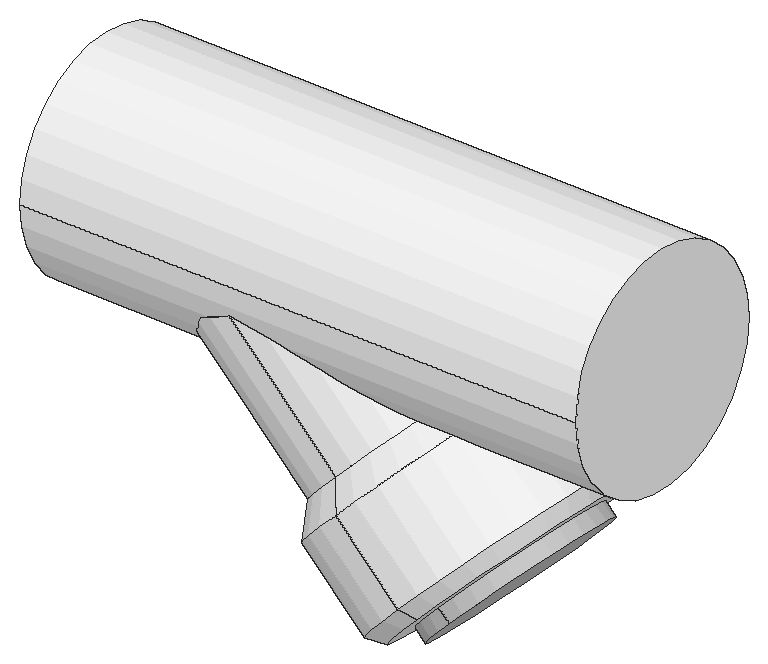
Revit family "PA_Арматура трубопроводов [клапан обратный полипропиленовый VTp.716.0]1 - VALTEC", category Арматура трубопроводов, Revit 2019
Family settings
  Размер круглого соединителя = Использовать диаметр
  Тип детали = Клапан - Вставляется
  На основе рабочей плоскости = Нет
  Всегда вертикально = Да
  При загрузке вырезать с полостями = Нет
  Общий = Нет
Parameters (values of type "VTp.716.0")
  Таблица = "PA_Арматура трубопроводов [клапан обратный полипропиленовый VTp.716.0] - VALTEC"  # constant formula
  Пользовательский [instance] = no
  Материал доп.2 = Черный - VALTEC
  Manufacturer = ""
  x [instance] = size_lookup(Таблица, "l5", 0 mm, d)  # 42.2 mm
  l5 [instance] = size_lookup(Таблица, "l5", 0 mm, d) * -1  # -42.2 mm
  l4 [instance] = size_lookup(Таблица, "l4", 0 mm, d) * -1  # -40.2 mm
  l3 [instance] = size_lookup(Таблица, "l3", 0 mm, d) * -1  # -38.4 mm
  l2 [instance] = size_lookup(Таблица, "l2", 0 mm, d) * -1  # -27.3 mm
  l1 [instance] = size_lookup(Таблица, "l1", 0 mm, d) * -1  # -24.1 mm
  l0 [instance] = size_lookup(Таблица, "l0", 0 mm, d)  # 0 mm
  h [instance] = size_lookup(Таблица, "h", 0 mm, d)  # 22 mm
  d5 [instance] = size_lookup(Таблица, "d5", 0 mm, d)  # 14.8 mm
  d1 [instance] = size_lookup(Таблица, "d1", 0 mm, d)  # 26 mm
  d4 [instance] = size_lookup(Таблица, "d4", 0 mm, d)  # 22.3 mm
  d2 [instance] = size_lookup(Таблица, "d2", 0 mm, d)  # 31.7 mm
  d3 [instance] = size_lookup(Таблица, "d3", 0 mm, d)  # 28.6 mm
  d [instance] = 20 mm
  URL = "https://valtec.ru/"
  D [instance] = size_lookup(Таблица, "D", 0 mm, d)  # 27 mm
  H [instance] = size_lookup(Таблица, "H", 0 mm, d)  # 41.5 mm
  ADSK_Расход жидкости [instance] = 0.0 L/s
  ADSK_Примечание [instance] = ""
  ADSK_Потеря давления жидкости [instance] = 0.0 Pa
  ADSK_Позиция [instance] = ""
  ADSK_Обозначение [instance] = "VTp.716.0"  # constant formula
  ADSK_Наименование [instance] = size_lookup(Таблица, "", "Данный типоразмер отсутствует", d)  # "Клапан обратный полипропиленовый, 20 мм"
  Материал доп.1 = Сталь, нержавеющая - VALTEC
  ADSK_Материал = Белый - VALTEC
  ADSK_Масса [instance] = 0
  ADSK_Марка [instance] = size_lookup(Таблица, "Маркировка", "Данный типоразмер отсутствует", d)  # "VTp.716.0"
  ADSK_Код изделия [instance] = size_lookup(Таблица, "Код продукта", "Данный типоразмер отсутствует", d)  # "VTp.716.0.020"
  ADSK_Завод-изготовитель [instance] = "VALTEC"  # constant formula
  ADSK_Единица измерения [instance] = "шт."  # constant formula
  ADSK_URL страницы изделия = "https://valtec.ru/catalog/sistemy_polipropilenovyh_truboprovodov/armatura_dlya_polipropilenovyh_truboprovodov/klapan_obratnyj_polipropilenovyj_vtp7160.html"
  ADSK_URL документации изделия = "https://valtec.ru/document/technical/VTp.716-0916.pdf"
  L [instance] = size_lookup(Таблица, "L", 0 mm, d)  # 69.5 mm
Reference planes
  plane 1 "По центру (Вперед/Назад)": y = 0
  plane 2: z = 0
  plane 3 "По центру (Влево/Вправо)": x = 0
  plane 4: x = 34.75
  plane 5: x = -34.75
  plane 6: x = -12.75
  plane 7: z = -41.5
  plane 8: z = -20.75
  plane 9: z = 20.75
Forms (mm)
  Extrusion 1, solid, material "Белый - VALTEC" <- "ADSK_Материал", detail levels medium+fine
    sketch origin (-12.75, 0, 0) x (0, -1, 0) y (0.707107, 0, 0.707107)
      loop
        circle (0, 0) r 13
    from 0 <- "l0" to -24.1 <- "l1"
  Blend 2, solid, material "Белый - VALTEC" <- "ADSK_Материал", detail levels medium+fine
    base sketch origin (-12.75, 0, 0) x (0, -1, 0) y (0.707107, 0, 0.707107)
      loop
        circle (0, 0) r 13
    top sketch origin (-12.75, 0, 0) x (0, -1, 0) y (0.707107, 0, 0.707107)
      loop
        circle (0, 0) r 15.85
    from -24.1 <- "l1" to -27.3 <- "l2"
  Extrusion 3, solid, material "Белый - VALTEC" <- "ADSK_Материал", detail levels medium+fine
    sketch origin (-12.75, 0, 0) x (0, -1, 0) y (0.707107, 0, 0.707107)
      loop
        circle (0, 0) r 15.85
    from -27.3 <- "l2" to -38.4 <- "l3"
  Blend 4, solid, material "Белый - VALTEC" <- "ADSK_Материал", detail levels medium+fine
    base sketch origin (-12.75, 0, 0) x (0, -1, 0) y (0.707107, 0, 0.707107)
      loop
        circle (0, 0) r 15.85
    top sketch origin (-12.75, 0, 0) x (0, -1, 0) y (0.707107, 0, 0.707107)
      loop
        circle (0, 0) r 14.3
    from -38.4 <- "l3" to -40.2 <- "l4"
  Extrusion 5, solid, material "Сталь, нержавеющая - VALTEC" <- "Материал доп.1", detail levels medium+fine
    sketch origin (-12.75, 0, 0) x (0, -1, 0) y (0.707107, 0, 0.707107)
      loop
        circle (0, 0) r 11.15
    from -40.2 <- "l4" to -42.2 <- "l5"
  Extrusion 6, solid, material "Белый - VALTEC" <- "ADSK_Материал", detail levels medium+fine
    sketch origin (0, 0, 0) x (0, 1, 0) y (0, 0, 1)
      loop
        circle (0, 0) r 13.5
    from -34.75 to 34.75
  Extrusion 7, solid, material "Черный - VALTEC" <- "Материал доп.2", detail levels coarse
    sketch origin (0, 0, 0) x (1, 0, 0) y (0, 0, 1)
      loop
        line (0, 0) -> (34.75, -20.75) -> (34.75, 20.75) -> (0, 0)
    from 0.1 to -0.1
Cuts and joins
  joined: Extrusion 1, Blend 2, Extrusion 3, Blend 4, Extrusion 6
Lines and regions (mm)
  reference lines
    curve 1: line (-12.75, 0, 0) -> (17.09, 0, -29.84)
    curve 2: line (17.09, 0, -29.84) -> (24.161, 0, -22.769)
    curve 6: line (-34.75, 0, 0) -> (34.75, 0, 0)
  model lines, detail levels coarse
    curve 3: line (0, 0, 0) -> (-34.75, 0, 20.75)
    curve 4: line (-34.75, 0, -20.75) -> (0, 0, 0)
    curve 5: line (-34.75, 0, 20.75) -> (-34.75, 0, -20.75)
Dimensions and locks
  equal spacing: plane 5, plane 3 "По центру (Влево/Вправо)", plane 4
  "L": plane 5 to plane 4
  "h": plane 5 to plane 6
  "H": plane 2 to plane 7
  "x": curve 1 to curve 1
  equal spacing: plane 9, plane 2, plane 8
  "H": plane 9 to plane 8
  "d1": diameter of Extrusion 1 sketch curve
  "d1": diameter of Blend 2 sketch curve
  "d2": diameter of Blend 2 sketch curve
  "d2": diameter of Extrusion 3 sketch curve
  "d2": diameter of Blend 4 sketch curve
  "d3": diameter of Blend 4 sketch curve
  "d4": diameter of Extrusion 5 sketch curve
  "D": diameter of Extrusion 6 sketch curve
  locked: curve 1 to level (angle 45.00°)
  locked: curve 2 to curve 1 (angle 90.00°)
  aligned and locked: level to plane 2
  aligned and locked: plane 6 to curve 1
  aligned and locked: plane 2 to curve 1
  aligned and locked: plane 2 to Extrusion 6 sketch curve
  aligned and locked: plane 1 "По центру (Вперед/Назад)" to Extrusion 6 sketch curve
  aligned and locked: plane 5 to Extrusion 6
  aligned and locked: Extrusion 6 to plane 4
  aligned and locked: plane 9 to Extrusion 7 sketch curve
  aligned and locked: plane 4 to Extrusion 7 sketch curve  (x2)
  aligned and locked: plane 8 to Extrusion 7 sketch curve
  aligned and locked: plane 3 "По центру (Влево/Вправо)" to Extrusion 7 sketch curve
  aligned and locked: plane 2 to Extrusion 7 sketch curve
  aligned and locked: plane 9 to curve 3
  aligned and locked: plane 5 to curve 4
  aligned and locked: plane 3 "По центру (Влево/Вправо)" to curve 4
  aligned and locked: plane 8 to curve 5
  aligned and locked: plane 5 to curve 5
  aligned and locked: plane 4 to curve 6
  aligned and locked: plane 5 to curve 6
  aligned and locked: plane 1 "По центру (Вперед/Назад)" to curve 6
Automatic sketch dimensions
  plane 1 "По центру (Вперед/Назад)" to Extrusion 1 sketch curve = 0 mm
  plane 1 "По центру (Вперед/Назад)" to Blend 2 sketch curve = 0 mm  (x2)
  plane 1 "По центру (Вперед/Назад)" to Extrusion 3 sketch curve = 0 mm
  plane 1 "По центру (Вперед/Назад)" to Blend 4 sketch curve = 0 mm  (x2)
  plane 1 "По центру (Вперед/Назад)" to Extrusion 5 sketch curve = 0 mm
  curve 4 to level = 0 mm
Nested families
  nested 1: "Условное отображение - обратный клапан" at (0, 0, 0) x (-1, 0, 0) z (0, 0, 1), l <- "L", H <- "H", type "Условное отображение - обратный клапан", detail levels coarse
    with l 69.5 mm, H 41.5 mm
Connectors
  piping at (-34.75, 0, 0), diameter 20, driven by "d", driven by "ADSK_Расход жидкости", driven by "ADSK_Потеря давления жидкости"
    settings: on curve 6, index 1, connector inside diameter 609.6 mm, connector length 0 mm, flow factor 0, pipe flow 0.0 L/s, pressure drop 0.0 Pa, fitting loss kfactor 0, connector angle 0.00°, fixture units 0, engagement length 0 mm, angle of deflection 0.00°, flow configuration 0, flow direction 1, fitting loss method 4, system type 29, joint type 0, gender type 0, connector reference index 2, connector utility 0, adjustable connector no, is connector primary yes, connector description ""
  piping at (34.75, 0, 0), diameter 20, driven by "d", driven by "ADSK_Расход жидкости"
    settings: on curve 6, index 2, connector inside diameter 609.6 mm, connector length 0 mm, flow factor 0, pipe flow 0.0 L/s, pressure drop 0.0 Pa, fitting loss kfactor 0, connector angle 0.00°, fixture units 0, engagement length 0 mm, angle of deflection 0.00°, flow configuration 0, flow direction 2, fitting loss method 0, system type 29, joint type 0, gender type 0, connector reference index 1, connector utility 0, adjustable connector no, is connector primary no, connector description ""
Definition of nested family "Условное отображение - обратный клапан"
  Parameters (values of type "Семейство1")
    l [instance] = 960.58 mm
    H [instance] = 355.948 mm
  Reference planes
    plane 1 "По центру (Вперед/Назад)": y = 0
    plane 2: z = 0
    plane 3 "По центру (Влево/Вправо)": x = 0
    plane 4: x = -480.29
    plane 5: x = 480.29
    plane 6: y = 177.974
    plane 7: y = -177.974
  Lines and regions (mm)
    Filled region 1, type "Бетон", in view "Опорный уровень"
      outline origin (0, 0, 0) x (1, 0, 0) y (0, 1, 0)
        loop
          line (-480.29, 177.974) -> (-480.29, -177.974) -> (0, 0) -> (-480.29, 177.974)
    detail lines, in view "Опорный уровень"
      curve 1: line (-480.29, -177.974, 0) -> (-480.29, 177.974, 0)
      curve 2: line (480.29, -177.974, 0) -> (480.29, 177.974, 0)
      curve 3: line (-480.29, -177.974, 0) -> (480.29, 177.974, 0)
      curve 4: line (480.29, -177.974, 0) -> (-480.29, 177.974, 0)
  Dimensions and locks
    equal spacing: plane 4, plane 3 "По центру (Влево/Вправо)", plane 5
    "l": plane 4 to plane 5
    equal spacing: plane 7, plane 1 "По центру (Вперед/Назад)", plane 6
    "H": plane 7 to plane 6
    aligned and locked: plane 6 to curve 1
    aligned and locked: plane 7 to curve 1
    aligned and locked: plane 4 to curve 1
    aligned and locked: plane 7 to curve 2
    aligned and locked: plane 6 to curve 2
    aligned and locked: curve 2 to plane 5
    aligned and locked: plane 7 to Filled region 1 sketch curve
    aligned and locked: plane 6 to Filled region 1 sketch curve
    aligned and locked: Filled region 1 sketch curve to plane 4
  Automatic sketch dimensions
    Filled region 1 sketch curve to plane 3 "По центру (Влево/Вправо)" = 0 mm
    plane 1 "По центру (Вперед/Назад)" to Filled region 1 sketch curve = 0 mm
